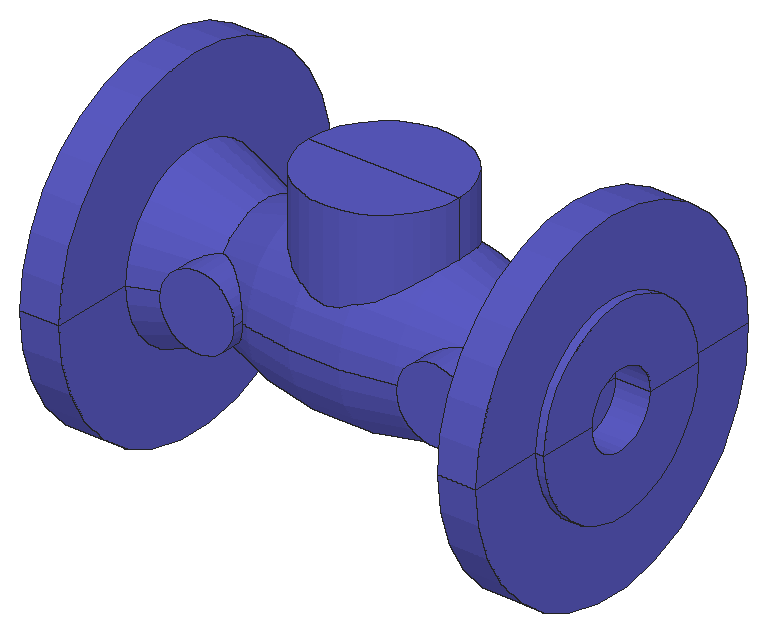
Revit family "HERZ Circuit chutoff valve 4218 AGF", category Rohrzubehör, Revit 2020
Family settings
  Bemaßung runder Anschluss = Durchmesser verwenden
  Teiletyp = Unterbricht
  Arbeitsebenenbasiert = Nein
  Immer vertikal = Ja
  Beim Laden mit Abzugskörper schneiden = Nein
  Gemeinsam genutzt = Nein
Parameters
  w = 10.00°  # constant formula
  Vorgabe-Ansicht = 0.00 mm
  Screw [instance] = if(Nennweite = 15.00 mm, "4x M12x50", if(Nennweite = 20.00 mm, "4x M12x55", if(Nennweite = 25.00 mm, "4x M12x55", if(Nennweite = 32.00 mm, "4x M16x60", if(Nennweite = 40.00 mm, "4x M16x60", if(Nennweite = 50.00 mm, "4x M16x60", if(Nennweite = 65.00 mm, "4x M16x60", if(Nennweite = 80.00 mm, "8x M16x65", if(Nennweite = 100.00 mm, "8x M16x65", if(Nennweite = 125.00 mm, "8x M16x70", if(Nennweite = 150.00 mm, "8x M20x70", if(Nennweite = 200.00 mm, "12x M20x75", if(Nennweite = 250.00 mm, "12x M24x85", if(Nennweite = 300.00 mm, "12x M24x85", if(Nennweite = 350.00 mm, "16x M24x90", "16x M27x100")))))))))))))))  # "4x M12x50"
  Medium = "Heating water quality according ÖNORM H5195 or VDI-Standard 2035. The use of ethylene or propylene glycol in a\nmixing ratio 25- 50% is allowed."
  Max. operating temperature up to DN 32 = 130 °C  # constant formula
  Max. operating temperature from DN 40 = 110 °C  # constant formula
  Max. operating pressure = 1600000.0 Pa  # constant formula
  m2 [instance] = size_lookup("4218_AGF", "m2", 22.00 mm, Nennweite)  # 22.00 mm
  m1 [instance] = 27.59 mm  # constant formula
  d1 [instance] = size_lookup("4218_AGF", "d1", 25.00 mm, Nennweite)  # 25.00 mm
  Valve = "upper part made of brass"  # constant formula
  Valve body = "cast iron GJL 250 according to EN 1561"  # constant formula
  URL = "www.herzvalves.com"
  SCRNSEQ = "ARM;ARM_TYP=\"ABSV\";2"
  SCRNCODE = "05;11;2"  # constant formula
  R05 [instance] = size_lookup("4218_AGF", "R05", 45.00 mm, Nennweite)  # 45.00 mm
  R04 [instance] = size_lookup("4218_AGF", "R04", 25.50 mm, Nennweite)  # 25.50 mm
  R03 [instance] = size_lookup("4218_AGF", "R03", 30.00 mm, Nennweite)  # 30.00 mm
  R02 [instance] = size_lookup("4218_AGF", "R02", 21.15 mm, Nennweite)  # 21.15 mm
  R01 [instance] = size_lookup("4218_AGF", "R01", 29.50 mm, Nennweite)  # 29.50 mm
  O-rings = "EPDM"  # constant formula
  Nennweite [instance] = 15.00 mm
  Lk [instance] = size_lookup("4218_AGF", "Lk", 32.50 mm, Nennweite)  # 32.50 mm
  L05 [instance] = 34.16 mm  # constant formula
  L04 [instance] = size_lookup("4218_AGF", "L04", 40.00 mm, Nennweite)  # 40.00 mm
  L03 [instance] = size_lookup("4218_AGF", "L03", 42.00 mm, Nennweite)  # 42.00 mm
  L02 [instance] = size_lookup("4218_AGF", "L02", 3.00 mm, Nennweite)  # 3.00 mm
  L01 [instance] = size_lookup("4218_AGF", "L01", 13.00 mm, Nennweite)  # 13.00 mm
  L [instance] = size_lookup("4218_AGF", "L", 160.00 mm, Nennweite)  # 160.00 mm
  Hersteller = "HERZ-Armaturen Ges.m.b.H."  # constant formula
  Dfl [instance] = size_lookup("4218_AGF", "Dfl", 57.50 mm, Nennweite)  # 57.50 mm
  DN80 [instance] = Nennweite = 80.00 mm  # no
  DN65-80 [instance] = or(Nennweite = 65.00 mm, Nennweite = 80.00 mm)  # no
  DN65 [instance] = Nennweite = 65.00 mm  # no
  DN50-80 [instance] = or(Nennweite = 50.00 mm, Nennweite = 65.00 mm, Nennweite = 80.00 mm)  # no
  DN50 [instance] = Nennweite = 50.00 mm  # no
  DN40 [instance] = Nennweite = 40.00 mm  # no
  DN32 [instance] = Nennweite = 32.00 mm  # no
  DN32-40 [instance] = or(Nennweite = 32.00 mm, Nennweite = 40.00 mm)  # no
  DN25-40 [instance] = or(Nennweite = 25.00 mm, Nennweite = 32.00 mm, Nennweite = 40.00 mm)  # no
  DN25 [instance] = Nennweite = 25.00 mm  # no
  D [instance] = size_lookup("4218_AGF", "D", 12.50 mm, Nennweite)  # 12.50 mm
  Part number [instance] = size_lookup("4218_AGF", "Artnr", 0, Nennweite)  # 0
  B [instance] = size_lookup("4218_AGF", "B", 58.00 mm, Nennweite)  # 58.00 mm
  Application = "For isolation in heating or cooling installations, risers, heat exchangers, heating and cooling systems."
Reference planes
  plane 1 "Mitte (Vorne/hinten)": y = 0
  plane 2: z = 0
  plane 3 "Mitte (Links/rechts)": x = 0
Forms (mm)
  Revolve 1, solid, material "Herz-Marineblau", detail levels fine
    sketch origin (1065, 0, 0) x (1, 0, 0) y (0, 1, 0)
      loop
        line (-1142, 57.5) -> (-1142, 32.5) -> (-1145, 32.5) -> (-1145, 12.5) -> (-1135, 12.5) -> (-1135, 0) -> (-997, 0) -> (-997, 12.5) -> (-985, 12.5) -> (-985, 32.5) -> (-988, 32.5) -> (-988, 57.5) -> (-1001, 57.5) -> (-1001, 29.5) -> (-1024.25, 21.15)
        arc (-1024.25, 21.15) -> (-1065, 30) -> (-1105.75, 21.15) r 98.242
        line (-1105.75, 21.15) -> (-1129, 29.5) -> (-1129, 57.5) -> (-1142, 57.5)
      axis (-985, 0) -> (-1145, 0)
    angle from 0 to 360
  Extrusion 2, solid, material "Herz-Marineblau", visible <- "DN25", detail levels fine
    sketch origin (0, 0, 0) x (1, 0, 0) y (0, 1, 0)
      loop
        arc (-40.75, -24.228) -> (0.085, -32.958) -> (40.917, -24.217) r 99.801
        line (40.917, -24.217) -> (40.917, 24.217)
        arc (40.917, 24.217) -> (0.085, 32.958) -> (-40.75, 24.228) r 99.801
        line (-40.75, 24.228) -> (-40.75, -24.228)
    from -12.5 to 12.5
  Extrusion 3, solid, material "Herz-Marineblau"
    sketch origin (0, 0, 0) x (1, 0, 0) y (0, 0, 1)
      loop
        circle (-40, 0) r 12.5
      loop
        circle (40, 0) r 12.5
    from -29 to 29
  Revolve 4, solid, visible <- "DN25"
    sketch origin (0, 0, 0) x (1, 0, 0) y (0, 0, 1)
      loop
        line (-42.018, 32) -> (-37.406, 5.845) -> (-26.573, 7.755) -> (-31.185, 33.91) -> (-42.018, 32)
      axis (-42.018, 32) -> (-37.406, 5.845)
    angle from 0 to 360
  Revolve 5, solid, visible <- "DN25"
    sketch origin (0, 0, 0) x (-1, 0, 0) y (0, 0, 1)
      loop
        line (-42.018, 32) -> (-37.406, 5.845) -> (-26.573, 7.755) -> (-31.185, 33.91) -> (-42.018, 32)
      axis (-42.018, 32) -> (-37.406, 5.845)
    angle from 0 to 360
  Revolve 6, solid, visible <- "DN32"
    sketch origin (-6, 0, 0) x (1, 0, 0) y (0, 0, 1)
      loop
        line (-42.018, 32) -> (-37.406, 5.845) -> (-26.573, 7.755) -> (-31.185, 33.91) -> (-42.018, 32)
      axis (-42.018, 32) -> (-37.406, 5.845)
    angle from 0 to 360
  Revolve 7, solid, visible <- "DN32"
    sketch origin (6, 0, 0) x (-1, 0, 0) y (0, 0, 1)
      loop
        line (-42.018, 32) -> (-37.406, 5.845) -> (-26.573, 7.755) -> (-31.185, 33.91) -> (-42.018, 32)
      axis (-42.018, 32) -> (-37.406, 5.845)
    angle from 0 to 360
  Revolve 8, solid, visible <- "DN40"
    sketch origin (-10, 0, 6) x (1, 0, 0) y (0, 0, 1)
      loop
        line (-42.018, 32) -> (-37.406, 5.845) -> (-26.573, 7.755) -> (-31.185, 33.91) -> (-42.018, 32)
      axis (-42.018, 32) -> (-37.406, 5.845)
    angle from 0 to 360
  Revolve 9, solid, visible <- "DN40"
    sketch origin (10, 0, 6) x (-1, 0, 0) y (0, 0, 1)
      loop
        line (-42.018, 32) -> (-37.406, 5.845) -> (-26.573, 7.755) -> (-31.185, 33.91) -> (-42.018, 32)
      axis (-42.018, 32) -> (-37.406, 5.845)
    angle from 0 to 360
  Revolve 10, solid, visible <- "DN50"
    sketch origin (-23, 0, 16) x (1, 0, 0) y (0, 0, 1)
      loop
        line (-42.018, 32) -> (-37.406, 5.845) -> (-26.573, 7.755) -> (-31.185, 33.91) -> (-42.018, 32)
      axis (-42.018, 32) -> (-37.406, 5.845)
    angle from 0 to 360
  Revolve 11, solid, visible <- "DN50"
    sketch origin (23, 0, 16) x (-1, 0, 0) y (0, 0, 1)
      loop
        line (-42.018, 32) -> (-37.406, 5.845) -> (-26.573, 7.755) -> (-31.185, 33.91) -> (-42.018, 32)
      axis (-42.018, 32) -> (-37.406, 5.845)
    angle from 0 to 360
  Revolve 12, solid, visible <- "DN65"
    sketch origin (-35, 0, 28) x (1, 0, 0) y (0, 0, 1)
      loop
        line (-42.018, 32) -> (-34.219, -12.231) -> (-18.954, -9.539) -> (-26.753, 34.692) -> (-42.018, 32)
      axis (-42.018, 32) -> (-34.219, -12.231)
    angle from 0 to 360
  Revolve 13, solid, visible <- "DN65"
    sketch origin (35, 0, 28) x (-1, 0, 0) y (0, 0, 1)
      loop
        line (-42.018, 32) -> (-34.219, -12.231) -> (-18.954, -9.539) -> (-26.753, 34.692) -> (-42.018, 32)
      axis (-42.018, 32) -> (-34.219, -12.231)
    angle from 0 to 360
  Revolve 14, solid, visible <- "DN80"
    sketch origin (-43, 0, 33) x (1, 0, 0) y (0, 0, 1)
      loop
        line (-42.018, 32) -> (-34.219, -12.231) -> (-18.954, -9.539) -> (-26.753, 34.692) -> (-42.018, 32)
      axis (-42.018, 32) -> (-34.219, -12.231)
    angle from 0 to 360
  Revolve 15, solid, visible <- "DN80"
    sketch origin (43, 0, 33) x (-1, 0, 0) y (0, 0, 1)
      loop
        line (-42.018, 32) -> (-34.219, -12.231) -> (-18.954, -9.539) -> (-26.753, 34.692) -> (-42.018, 32)
      axis (-42.018, 32) -> (-34.219, -12.231)
    angle from 0 to 360
  Revolve 16, solid, material "Herz-Marineblau"
    sketch origin (0, 0, 0) x (1, 0, 0) y (0, 0, 1)
      loop
        line (-0.018, 0) -> (25.5, 0) -> (25.5, 45) -> (-0.018, 45) -> (-0.018, 0)
      axis (-0.018, 45) -> (-0.018, 0)
    angle from 0 to 360
  Extrusion 17, solid, material "Herz-Marineblau", visible <- "DN32", detail levels fine
    sketch origin (0, 5, 0) x (1, 0, 0) y (0, 1, 0)
      loop
        arc (-50, -30.504) -> (0, -44.033) -> (50, -30.504) r 99.158
        line (50, -30.504) -> (50, 20.504)
        arc (50, 20.504) -> (0, 34.033) -> (-50, 20.504) r 99.158
        line (-50, 20.504) -> (-50, -30.504)
    from -12.5 to 12.5
  Extrusion 18, solid, material "Herz-Marineblau", visible <- "DN40", detail levels fine
    sketch origin (0, 7.139, 0) x (1, 0, 0) y (0, 1, 0)
      loop
        arc (-58.75, -37.243) -> (-0.086, -48.157) -> (58.607, -37.396) r 164.275
        line (58.607, -37.396) -> (58.607, 23.118)
        arc (58.607, 23.118) -> (-0.086, 33.878) -> (-58.75, 22.964) r 164.275
        line (-58.75, 22.964) -> (-58.75, -37.243)
    from -12.5 to 12.5
  Extrusion 19, solid, material "Herz-Marineblau", visible <- "DN50", detail levels fine
    sketch origin (0, 12.139, 0) x (1, 0, 0) y (0, 1, 0)
      loop
        arc (-70, -51.365) -> (-0.006, -58.136) -> (70, -51.487) r 368.507
        line (70, -51.487) -> (70, 27.208)
        arc (70, 27.208) -> (-0.006, 33.857) -> (-70, 27.086) r 368.507
        line (-70, 27.086) -> (-70, -51.365)
    from -12.5 to 12.5
  Extrusion 20, solid, material "Herz-Marineblau", visible <- "DN65", detail levels fine
    sketch origin (0, 17.139, 0) x (1, 0, 0) y (0, 1, 0)
      loop
        line (-89.879, 31.045) -> (-89.879, -65.324)
        arc (-89.879, -65.324) -> (0.112, -71.41) -> (90.111, -65.45) r 675.309
        line (90.111, -65.45) -> (90.111, 31.171)
        arc (90.111, 31.171) -> (0.112, 37.132) -> (-89.879, 31.045) r 675.309
    from -12.5 to 12.5
  Extrusion 21, solid, material "Herz-Marineblau", visible <- "DN80", detail levels fine
    sketch origin (0, 23.908, 0) x (1, 0, 0) y (0, 1, 0)
      loop
        line (-95.924, 29.668) -> (-95.924, -77.484)
        arc (-95.924, -77.484) -> (1.171, -81.507) -> (98.253, -77.179) r 1130.914
        line (98.253, -77.179) -> (98.253, 29.363)
        arc (98.253, 29.363) -> (1.171, 33.69) -> (-95.924, 29.668) r 1130.914
    from -12.5 to 12.5
  Revolve 22, solid, material "Messing, weicher Gelbton, geschweißt", visible <- "DN25"
    sketch origin (0, 0, 0) x (1, 0, 0) y (0, 0, 1)
      loop
        line (-15.927, 65) -> (-15.927, 50) -> (-24.821, 50) -> (-24.821, 45) -> (-0.018, 45) -> (-0.018, 87.982) -> (-7.018, 87.982) -> (-10.561, 84.439) -> (-10.561, 65) -> (-15.927, 65)
      axis (-0.018, 87.982) -> (-0.018, 45)
    angle from 0 to 360
  Revolve 23, solid, material "Messing, weicher Gelbton, geschweißt", visible <- "DN32-40"
    sketch origin (0, 0, 5) x (1, 0, 0) y (0, 0, 1)
      loop
        line (-15.927, 65) -> (-15.927, 50) -> (-24.821, 50) -> (-24.821, 45) -> (-0.018, 45) -> (-0.018, 82.982) -> (-7.018, 82.982) -> (-10.561, 79.439) -> (-10.561, 65) -> (-15.927, 65)
      axis (-0.018, 82.982) -> (-0.018, 45)
    angle from 0 to 360
  Revolve 24, solid, material "Messing, weicher Gelbton, geschweißt", visible <- "DN50"
    sketch origin (0, 0, 0) x (1, 0, 0) y (0, 0, 1)
      loop
        line (-30.605, 80.5) -> (-30.605, 65.5) -> (-39.5, 65.5) -> (-39.5, 60.5) -> (0, 60.5) -> (0, 103) -> (-17.179, 103) -> (-25.239, 94.939) -> (-25.239, 80.5) -> (-30.605, 80.5)
      axis (0, 103) -> (0, 60.5)
    angle from 0 to 360
  Revolve 25, solid, material "Messing, weicher Gelbton, geschweißt", visible <- "DN65-80"
    sketch origin (0, 0, 7.5) x (1, 0, 0) y (0, 0, 1)
      loop
        line (-30.605, 80.5) -> (-30.605, 65.5) -> (-39.5, 65.5) -> (-39.5, 60.5) -> (0, 60.5) -> (0, 95.5) -> (-17.179, 95.5) -> (-25.239, 87.439) -> (-25.239, 80.5) -> (-30.605, 80.5)
      axis (0, 95.5) -> (0, 60.5)
    angle from 0 to 360
  Extrusion 26, solid, material "Messing, weicher Gelbton, geschweißt", visible <- "DN25"
    sketch origin (0.537, 0, 6.073) x (0.984808, 0, 0.173648) y (0, 1, 0)
      loop
        line (-26.573, 0) -> (-31.989, 9.382) -> (-42.822, 9.382) -> (-48.239, 0) -> (-42.822, -9.382) -> (-31.989, -9.382) -> (-26.573, 0)
    from 32.922 to 35.92
  Extrusion 27, solid, material "Messing, weicher Gelbton, geschweißt", visible <- "DN40"
    sketch origin (-9.463, 0, 12.073) x (0.984808, 0, 0.173648) y (0, 1, 0)
      loop
        line (-26.573, 0) -> (-31.989, 9.382) -> (-42.822, 9.382) -> (-48.239, 0) -> (-42.822, -9.382) -> (-31.989, -9.382) -> (-26.573, 0)
    from 32.922 to 35.92
  Extrusion 28, solid, material "Messing, weicher Gelbton, geschweißt", visible <- "DN50"
    sketch origin (-22.463, 0, 22.073) x (0.984808, 0, 0.173648) y (0, 1, 0)
      loop
        line (-26.573, 0) -> (-31.989, 9.382) -> (-42.822, 9.382) -> (-48.239, 0) -> (-42.822, -9.382) -> (-31.989, -9.382) -> (-26.573, 0)
    from 32.922 to 35.92
  Extrusion 29, solid, material "Messing, weicher Gelbton, geschweißt", visible <- "DN80"
    sketch origin (-40.926, 0, 36.434) x (0.984808, 0, 0.173648) y (0, 1, 0)
      loop
        line (-24.656, 0) -> (-31.558, 11.956) -> (-45.364, 11.956) -> (-52.266, 0) -> (-45.364, -11.956) -> (-31.558, -11.956) -> (-24.656, 0)
    from 35.788 to 38.79
  Extrusion 30, solid, material "Messing, weicher Gelbton, geschweißt", visible <- "DN32"
    sketch origin (-5.463, 0, 6.073) x (0.984808, 0, 0.173648) y (0, 1, 0)
      loop
        line (-26.573, 0) -> (-31.989, 9.382) -> (-42.822, 9.382) -> (-48.239, 0) -> (-42.822, -9.382) -> (-31.989, -9.382) -> (-26.573, 0)
    from 32.922 to 35.92
  Extrusion 31, solid, material "Messing, weicher Gelbton, geschweißt", visible <- "DN25"
    sketch origin (-0.537, 0, 6.073) x (-0.984808, 0, 0.173648) y (0, -1, 0)
      loop
        line (-26.573, 0) -> (-31.989, 9.382) -> (-42.822, 9.382) -> (-48.239, 0) -> (-42.822, -9.382) -> (-31.989, -9.382) -> (-26.573, 0)
    from 32.922 to 35.92
  Extrusion 32, solid, material "Messing, weicher Gelbton, geschweißt", visible <- "DN40"
    sketch origin (9.463, 0, 12.073) x (-0.984808, 0, 0.173648) y (0, -1, 0)
      loop
        line (-26.573, 0) -> (-31.989, 9.382) -> (-42.822, 9.382) -> (-48.239, 0) -> (-42.822, -9.382) -> (-31.989, -9.382) -> (-26.573, 0)
    from 32.922 to 35.92
  Extrusion 33, solid, material "Messing, weicher Gelbton, geschweißt", visible <- "DN50"
    sketch origin (22.463, 0, 22.073) x (-0.984808, 0, 0.173648) y (0, -1, 0)
      loop
        line (-26.573, 0) -> (-31.989, 9.382) -> (-42.822, 9.382) -> (-48.239, 0) -> (-42.822, -9.382) -> (-31.989, -9.382) -> (-26.573, 0)
    from 32.922 to 35.92
  Extrusion 34, solid, material "Messing, weicher Gelbton, geschweißt", visible <- "DN32"
    sketch origin (5.463, 0, 6.073) x (-0.984808, 0, 0.173648) y (0, -1, 0)
      loop
        line (-26.573, 0) -> (-31.989, 9.382) -> (-42.822, 9.382) -> (-48.239, 0) -> (-42.822, -9.382) -> (-31.989, -9.382) -> (-26.573, 0)
    from 32.922 to 35.92
  Extrusion 35, solid, material "Messing, weicher Gelbton, geschweißt", visible <- "DN65"
    sketch origin (-32.926, 0, 31.434) x (0.984808, 0, 0.173648) y (0, 1, 0)
      loop
        line (-24.656, 0) -> (-31.558, 11.956) -> (-45.364, 11.956) -> (-52.266, 0) -> (-45.364, -11.956) -> (-31.558, -11.956) -> (-24.656, 0)
    from 35.788 to 38.79
  Extrusion 36, solid, material "Messing, weicher Gelbton, geschweißt", visible <- "DN80"
    sketch origin (40.926, 0, 36.434) x (-0.984808, 0, 0.173648) y (0, -1, 0)
      loop
        line (-24.656, 0) -> (-31.558, 11.956) -> (-45.364, 11.956) -> (-52.266, 0) -> (-45.364, -11.956) -> (-31.558, -11.956) -> (-24.656, 0)
    from 35.788 to 38.79
  Extrusion 37, solid, material "Messing, weicher Gelbton, geschweißt", visible <- "DN65"
    sketch origin (32.926, 0, 31.434) x (-0.984808, 0, 0.173648) y (0, -1, 0)
      loop
        line (-24.656, 0) -> (-31.558, 11.956) -> (-45.364, 11.956) -> (-52.266, 0) -> (-45.364, -11.956) -> (-31.558, -11.956) -> (-24.656, 0)
    from 35.788 to 38.79
Lines and regions (mm)
  model lines
    curve 1: line (-42.018, 0, 0) -> (-42.018, 0, 32)
    curve 2: line (-0.018, 0, 0) -> (-48.018, 0, 0)
    curve 3: line (-48.018, 0, 0) -> (-48.018, 0, 32)
    curve 4: line (-0.018, 0, 0) -> (-52.018, 0, 0)
    curve 5: line (-52.018, 0, 0) -> (-52.018, 0, 38)
    curve 6: line (-0.018, 0, 0) -> (-65.018, 0, 0)
    curve 7: line (-65.018, 0, 0) -> (-65.018, 0, 48)
    curve 8: line (-0.018, 0, 0) -> (-77.018, 0, 0)
    curve 9: line (-77.018, 0, 0) -> (-77.018, 0, 60)
    curve 10: line (-0.018, 0, 0) -> (-85.018, 0, 0)
    curve 11: line (-100.282, 0, 0) -> (-69.753, 0, 0)
    curve 12: line (-92.474, 0, 0) -> (-61.753, 0, 0)
Dimensions and locks
  "Dfl": plane 1 "Mitte (Vorne/hinten)" to Revolve 1 sketch curve
  "Lk": plane 1 "Mitte (Vorne/hinten)" to Revolve 1 sketch curve
  "D": plane 1 "Mitte (Vorne/hinten)" to Revolve 1 sketch curve
  "L": Revolve 1 sketch curve to Revolve 1 sketch curve
  "L01": Revolve 1 sketch curve to Revolve 1 sketch curve  (x2)
  "L02": Revolve 1 sketch curve to Revolve 1 sketch curve  (x2)
  equal spacing: Revolve 1 sketch curve, plane 3 "Mitte (Links/rechts)", Revolve 1 sketch curve  (x2)
  "L04": plane 3 "Mitte (Links/rechts)" to Extrusion 3 sketch curve
  "L04": Extrusion 3 sketch curve to plane 3 "Mitte (Links/rechts)"
  "B": Extrusion 3 to Extrusion 3
  equal spacing: Extrusion 3, plane 1 "Mitte (Vorne/hinten)", Extrusion 3
  "D": Revolve 1 sketch curve to plane 1 "Mitte (Vorne/hinten)"
  "Lk": Revolve 1 sketch curve to plane 1 "Mitte (Vorne/hinten)"
  "Dfl": Revolve 1 sketch curve to plane 1 "Mitte (Vorne/hinten)"
  "R02": plane 1 "Mitte (Vorne/hinten)" to Revolve 1 sketch curve  (x2)
  "R01": plane 1 "Mitte (Vorne/hinten)" to Revolve 1 sketch curve  (x2)
  "R03": plane 1 "Mitte (Vorne/hinten)" to Revolve 1 sketch curve
  Revolve 4 sketch curve to Revolve 4 sketch curve = 11.00 mm
  Revolve 4 sketch curve to Revolve 4 sketch curve = 26.559 mm
  Revolve 5 sketch curve to Revolve 5 sketch curve = 11.00 mm
  Revolve 5 sketch curve to Revolve 5 sketch curve = 26.559 mm
  Revolve 6 sketch curve to Revolve 6 sketch curve = 11.00 mm
  Revolve 6 sketch curve to Revolve 6 sketch curve = 26.559 mm
  Revolve 7 sketch curve to Revolve 7 sketch curve = 11.00 mm
  Revolve 7 sketch curve to Revolve 7 sketch curve = 26.559 mm
  Revolve 8 sketch curve to Revolve 8 sketch curve = 11.00 mm
  Revolve 8 sketch curve to Revolve 8 sketch curve = 26.559 mm
  Revolve 9 sketch curve to Revolve 9 sketch curve = 11.00 mm
  Revolve 9 sketch curve to Revolve 9 sketch curve = 26.559 mm
  Revolve 10 sketch curve to Revolve 10 sketch curve = 11.00 mm
  Revolve 10 sketch curve to Revolve 10 sketch curve = 26.559 mm
  Revolve 11 sketch curve to Revolve 11 sketch curve = 11.00 mm
  Revolve 11 sketch curve to Revolve 11 sketch curve = 26.559 mm
  Revolve 12 sketch curve to Revolve 12 sketch curve = 15.50 mm
  Revolve 12 sketch curve to Revolve 12 sketch curve = 44.913 mm
  Revolve 13 sketch curve to Revolve 13 sketch curve = 15.50 mm
  Revolve 13 sketch curve to Revolve 13 sketch curve = 44.913 mm
  Revolve 14 sketch curve to Revolve 14 sketch curve = 15.50 mm
  Revolve 14 sketch curve to Revolve 14 sketch curve = 44.913 mm
  Revolve 15 sketch curve to Revolve 15 sketch curve = 15.50 mm
  Revolve 15 sketch curve to Revolve 15 sketch curve = 44.913 mm
  "R05": Revolve 16 sketch curve to plane 2
  "R04": plane 3 "Mitte (Links/rechts)" to Revolve 16 sketch curve
  nested 5 to plane 2 = 88.00 mm
  nested 7 to plane 2 = 103.00 mm
  "d1": diameter of Extrusion 3 sketch curve  (x2)
  aligned and locked: level to plane 2
Automatic sketch dimensions
  curve 10 to level = 0.00 mm
  curve 8 to level = 0.00 mm
  curve 5 to level = 0.00 mm
  curve 10 to plane 3 "Mitte (Links/rechts)" = 85.018 mm
  curve 10 to curve 8 = 8.00 mm
  curve 8 to curve 7 = 12.00 mm
  curve 6 to curve 5 = 13.00 mm
  curve 4 to curve 2 = 4.00 mm
  curve 4 to plane 3 "Mitte (Links/rechts)" = 0.018 mm
  curve 6 to curve 2 = 0.00 mm
  curve 3 to curve 1 = 6.00 mm
  curve 10 to curve 2 = 0.00 mm
  level to curve 3 = 32.00 mm
  curve 1 to curve 3 = 0.00 mm
  curve 3 to curve 5 = 6.00 mm
  curve 5 to curve 7 = 10.00 mm
  curve 7 to curve 9 = 12.00 mm
  plane 1 "Mitte (Vorne/hinten)" to curve 11 = 0.00 mm
  plane 1 "Mitte (Vorne/hinten)" to curve 12 = 0.00 mm
  curve 11 to plane 3 "Mitte (Links/rechts)" = 100.282 mm
  curve 11 to curve 12 = 7.808 mm
  curve 12 to curve 11 = 22.721 mm
  curve 11 to curve 12 = 8.00 mm
  Extrusion 2 sketch curve to plane 3 "Mitte (Links/rechts)" = 40.75 mm
  plane 3 "Mitte (Links/rechts)" to Extrusion 2 sketch curve = 0.071 mm  (x2)
  plane 1 "Mitte (Vorne/hinten)" to Extrusion 2 sketch curve = 24.217 mm
  plane 3 "Mitte (Links/rechts)" to Extrusion 2 sketch curve = 40.917 mm
  plane 1 "Mitte (Vorne/hinten)" to Extrusion 2 sketch curve = 24.228 mm
  Extrusion 2 sketch curve to Extrusion 2 sketch curve = 42.614 mm
  Extrusion 2 sketch curve to plane 1 "Mitte (Vorne/hinten)" = 24.217 mm
  Revolve 4 sketch curve to plane 3 "Mitte (Links/rechts)" = 42.018 mm
  level to Revolve 4 sketch curve = 5.845 mm  (x2)
  Revolve 4 sketch curve to Revolve 4 sketch curve = 4.612 mm
  Revolve 4 sketch curve to Revolve 4 sketch curve = 10.833 mm
  level to Revolve 4 sketch curve = 32.00 mm
  Revolve 5 sketch curve to plane 3 "Mitte (Links/rechts)" = 42.018 mm
  Revolve 5 sketch curve to level = 5.845 mm  (x2)
  Revolve 5 sketch curve to Revolve 5 sketch curve = 4.612 mm
  Revolve 5 sketch curve to Revolve 5 sketch curve = 10.833 mm
  Revolve 5 sketch curve to level = 32.00 mm
  Revolve 6 sketch curve to plane 3 "Mitte (Links/rechts)" = 48.018 mm
  level to Revolve 6 sketch curve = 5.845 mm  (x2)
  Revolve 6 sketch curve to Revolve 6 sketch curve = 4.612 mm
  level to Revolve 6 sketch curve = 33.91 mm
  level to Revolve 6 sketch curve = 32.00 mm
  Revolve 7 sketch curve to plane 3 "Mitte (Links/rechts)" = 48.018 mm
  Revolve 7 sketch curve to level = 5.845 mm  (x2)
  Revolve 7 sketch curve to Revolve 7 sketch curve = 4.612 mm
  Revolve 7 sketch curve to level = 33.91 mm
  Revolve 7 sketch curve to level = 32.00 mm
  Revolve 8 sketch curve to plane 3 "Mitte (Links/rechts)" = 52.018 mm
  level to Revolve 8 sketch curve = 11.845 mm  (x2)
  Revolve 8 sketch curve to Revolve 8 sketch curve = 4.612 mm
  level to Revolve 8 sketch curve = 39.91 mm
  level to Revolve 8 sketch curve = 38.00 mm
  Revolve 9 sketch curve to plane 3 "Mitte (Links/rechts)" = 52.018 mm
  Revolve 9 sketch curve to level = 11.845 mm  (x2)
  Revolve 9 sketch curve to Revolve 9 sketch curve = 4.612 mm
  Revolve 9 sketch curve to level = 39.91 mm
  Revolve 9 sketch curve to level = 38.00 mm
  Revolve 10 sketch curve to plane 3 "Mitte (Links/rechts)" = 65.018 mm
  level to Revolve 10 sketch curve = 21.845 mm  (x2)
  Revolve 10 sketch curve to Revolve 10 sketch curve = 4.612 mm
  level to Revolve 10 sketch curve = 49.91 mm
  level to Revolve 10 sketch curve = 48.00 mm
  Revolve 11 sketch curve to plane 3 "Mitte (Links/rechts)" = 65.018 mm
  Revolve 11 sketch curve to level = 21.845 mm  (x2)
  Revolve 11 sketch curve to Revolve 11 sketch curve = 4.612 mm
  Revolve 11 sketch curve to level = 49.91 mm
  Revolve 11 sketch curve to level = 48.00 mm
  Revolve 12 sketch curve to plane 3 "Mitte (Links/rechts)" = 77.018 mm
  level to Revolve 12 sketch curve = 15.769 mm
  Revolve 12 sketch curve to Revolve 12 sketch curve = 7.799 mm
  Revolve 12 sketch curve to Revolve 12 sketch curve = 15.265 mm
  level to Revolve 12 sketch curve = 60.00 mm
  level to Revolve 12 sketch curve = 33.845 mm
  Revolve 13 sketch curve to plane 3 "Mitte (Links/rechts)" = 77.018 mm
  Revolve 13 sketch curve to level = 15.769 mm
  Revolve 13 sketch curve to Revolve 13 sketch curve = 7.799 mm
  Revolve 13 sketch curve to Revolve 13 sketch curve = 15.265 mm
  Revolve 13 sketch curve to level = 60.00 mm
  Revolve 13 sketch curve to level = 33.845 mm
  Revolve 14 sketch curve to plane 3 "Mitte (Links/rechts)" = 85.018 mm
  level to Revolve 14 sketch curve = 20.769 mm
  Revolve 14 sketch curve to Revolve 14 sketch curve = 7.799 mm
  level to Revolve 14 sketch curve = 67.692 mm
  level to Revolve 14 sketch curve = 65.00 mm
  level to Revolve 14 sketch curve = 38.845 mm
  Revolve 15 sketch curve to plane 3 "Mitte (Links/rechts)" = 85.018 mm
  Revolve 15 sketch curve to level = 20.769 mm
  Revolve 15 sketch curve to Revolve 15 sketch curve = 7.799 mm
  Revolve 15 sketch curve to level = 67.692 mm
  Revolve 15 sketch curve to level = 65.00 mm
  Revolve 15 sketch curve to level = 38.845 mm
  Extrusion 17 sketch curve to plane 3 "Mitte (Links/rechts)" = 0.00 mm  (x2)
  Extrusion 17 sketch curve to plane 1 "Mitte (Vorne/hinten)" = 25.504 mm
  Extrusion 17 sketch curve to plane 3 "Mitte (Links/rechts)" = 50.00 mm
  plane 1 "Mitte (Vorne/hinten)" to Extrusion 17 sketch curve = 25.504 mm
  plane 3 "Mitte (Links/rechts)" to Extrusion 17 sketch curve = 50.00 mm
  plane 1 "Mitte (Vorne/hinten)" to Extrusion 17 sketch curve = 60.125 mm
  Extrusion 17 sketch curve to plane 1 "Mitte (Vorne/hinten)" = 60.125 mm
  Extrusion 18 sketch curve to plane 3 "Mitte (Links/rechts)" = 58.75 mm
  plane 3 "Mitte (Links/rechts)" to Extrusion 18 sketch curve = 0.129 mm  (x2)
  plane 1 "Mitte (Vorne/hinten)" to Extrusion 18 sketch curve = 30.257 mm
  plane 3 "Mitte (Links/rechts)" to Extrusion 18 sketch curve = 58.607 mm
  Extrusion 18 sketch curve to Extrusion 18 sketch curve = 93.00 mm
  plane 1 "Mitte (Vorne/hinten)" to Extrusion 18 sketch curve = 30.103 mm
  Extrusion 18 sketch curve to plane 1 "Mitte (Vorne/hinten)" = 30.103 mm
  Extrusion 19 sketch curve to plane 3 "Mitte (Links/rechts)" = 70.00 mm
  plane 3 "Mitte (Links/rechts)" to Extrusion 19 sketch curve = 0.315 mm  (x2)
  plane 1 "Mitte (Vorne/hinten)" to Extrusion 19 sketch curve = 39.348 mm
  plane 3 "Mitte (Links/rechts)" to Extrusion 19 sketch curve = 70.00 mm
  Extrusion 19 sketch curve to Extrusion 19 sketch curve = 283.163 mm
  plane 1 "Mitte (Vorne/hinten)" to Extrusion 19 sketch curve = 39.226 mm
  Extrusion 19 sketch curve to plane 1 "Mitte (Vorne/hinten)" = 39.226 mm
  Extrusion 20 sketch curve to plane 3 "Mitte (Links/rechts)" = 89.879 mm
  plane 3 "Mitte (Links/rechts)" to Extrusion 20 sketch curve = 0.585 mm  (x2)
  plane 3 "Mitte (Links/rechts)" to Extrusion 20 sketch curve = 90.111 mm
  plane 1 "Mitte (Vorne/hinten)" to Extrusion 20 sketch curve = 621.038 mm
  plane 1 "Mitte (Vorne/hinten)" to Extrusion 20 sketch curve = 48.311 mm
  plane 1 "Mitte (Vorne/hinten)" to Extrusion 20 sketch curve = 48.185 mm
  Extrusion 20 sketch curve to plane 1 "Mitte (Vorne/hinten)" = 48.185 mm
  Extrusion 21 sketch curve to plane 3 "Mitte (Links/rechts)" = 95.924 mm
  Extrusion 21 sketch curve to plane 3 "Mitte (Links/rechts)" = 0.606 mm  (x2)
  plane 1 "Mitte (Vorne/hinten)" to Extrusion 21 sketch curve = 53.271 mm
  plane 3 "Mitte (Links/rechts)" to Extrusion 21 sketch curve = 98.253 mm
  plane 1 "Mitte (Vorne/hinten)" to Extrusion 21 sketch curve = 53.576 mm
  Extrusion 21 sketch curve to Extrusion 21 sketch curve = 1019.737 mm
  Extrusion 21 sketch curve to plane 1 "Mitte (Vorne/hinten)" = 53.271 mm
  Revolve 22 sketch curve to plane 3 "Mitte (Links/rechts)" = 24.821 mm
  Revolve 22 sketch curve to Revolve 22 sketch curve = 8.895 mm
  Revolve 22 sketch curve to Revolve 22 sketch curve = 5.366 mm
  Revolve 22 sketch curve to Revolve 22 sketch curve = 3.543 mm  (x2)
  Revolve 22 sketch curve to plane 3 "Mitte (Links/rechts)" = 0.018 mm
  level to Revolve 22 sketch curve = 45.00 mm
  Revolve 22 sketch curve to Revolve 22 sketch curve = 5.00 mm
  Revolve 22 sketch curve to Revolve 22 sketch curve = 15.00 mm
  Revolve 22 sketch curve to Revolve 22 sketch curve = 19.439 mm
  Revolve 22 sketch curve to Revolve 22 sketch curve = 0.00 mm  (x3)
  Revolve 23 sketch curve to plane 3 "Mitte (Links/rechts)" = 24.821 mm
  Revolve 23 sketch curve to Revolve 23 sketch curve = 8.895 mm
  Revolve 23 sketch curve to Revolve 23 sketch curve = 5.366 mm
  Revolve 23 sketch curve to Revolve 23 sketch curve = 3.543 mm  (x2)
  Revolve 23 sketch curve to plane 3 "Mitte (Links/rechts)" = 0.018 mm
  level to Revolve 23 sketch curve = 50.00 mm
  Revolve 23 sketch curve to Revolve 23 sketch curve = 5.00 mm  (x2)
  Revolve 23 sketch curve to Revolve 23 sketch curve = 15.00 mm
  Revolve 23 sketch curve to Revolve 23 sketch curve = 14.439 mm
  Revolve 23 sketch curve to Revolve 23 sketch curve = 0.00 mm  (x2)
  Revolve 24 sketch curve to plane 3 "Mitte (Links/rechts)" = 0.00 mm  (x2)
  Revolve 24 sketch curve to plane 3 "Mitte (Links/rechts)" = 17.179 mm
  Revolve 24 sketch curve to Revolve 24 sketch curve = 8.061 mm  (x2)
  Revolve 24 sketch curve to Revolve 24 sketch curve = 5.366 mm
  Revolve 24 sketch curve to Revolve 24 sketch curve = 8.895 mm
  level to Revolve 24 sketch curve = 60.50 mm
  Revolve 24 sketch curve to Revolve 24 sketch curve = 5.00 mm
  Revolve 24 sketch curve to Revolve 24 sketch curve = 15.00 mm
  Revolve 24 sketch curve to Revolve 24 sketch curve = 14.439 mm
  Revolve 24 sketch curve to Revolve 24 sketch curve = 0.00 mm  (x2)
  Revolve 25 sketch curve to plane 3 "Mitte (Links/rechts)" = 0.00 mm  (x2)
  Revolve 25 sketch curve to plane 3 "Mitte (Links/rechts)" = 17.179 mm
  Revolve 25 sketch curve to Revolve 25 sketch curve = 8.061 mm  (x2)
  Revolve 25 sketch curve to Revolve 25 sketch curve = 5.366 mm
  Revolve 25 sketch curve to Revolve 25 sketch curve = 8.895 mm
  level to Revolve 25 sketch curve = 68.00 mm
  Revolve 25 sketch curve to Revolve 25 sketch curve = 5.00 mm
  Revolve 25 sketch curve to Revolve 25 sketch curve = 15.00 mm
  Revolve 25 sketch curve to Revolve 25 sketch curve = 6.939 mm
  Revolve 25 sketch curve to Revolve 25 sketch curve = 0.00 mm
  Revolve 25 sketch curve to Revolve 25 sketch curve = 7.50 mm
  plane 1 "Mitte (Vorne/hinten)" to Extrusion 26 sketch curve = 0.00 mm  (x2)
  Extrusion 26 sketch curve to Extrusion 26 sketch curve = 5.416 mm  (x3)
  plane 1 "Mitte (Vorne/hinten)" to Extrusion 26 sketch curve = 9.382 mm
  Extrusion 26 sketch curve to Extrusion 26 sketch curve = 10.833 mm  (x2)
  Extrusion 26 sketch curve to plane 1 "Mitte (Vorne/hinten)" = 9.382 mm
  plane 1 "Mitte (Vorne/hinten)" to Extrusion 27 sketch curve = 0.00 mm  (x2)
  Extrusion 27 sketch curve to Extrusion 27 sketch curve = 5.416 mm  (x3)
  plane 1 "Mitte (Vorne/hinten)" to Extrusion 27 sketch curve = 9.382 mm
  Extrusion 27 sketch curve to Extrusion 27 sketch curve = 10.833 mm  (x2)
  Extrusion 27 sketch curve to plane 1 "Mitte (Vorne/hinten)" = 9.382 mm
  plane 1 "Mitte (Vorne/hinten)" to Extrusion 28 sketch curve = 0.00 mm  (x2)
  Extrusion 28 sketch curve to Extrusion 28 sketch curve = 5.416 mm  (x3)
  plane 1 "Mitte (Vorne/hinten)" to Extrusion 28 sketch curve = 9.382 mm
  Extrusion 28 sketch curve to Extrusion 28 sketch curve = 10.833 mm  (x2)
  Extrusion 28 sketch curve to plane 1 "Mitte (Vorne/hinten)" = 9.382 mm
  plane 1 "Mitte (Vorne/hinten)" to Extrusion 29 sketch curve = 0.00 mm  (x2)
  Extrusion 29 sketch curve to Extrusion 29 sketch curve = 6.903 mm  (x3)
  plane 1 "Mitte (Vorne/hinten)" to Extrusion 29 sketch curve = 11.956 mm
  Extrusion 29 sketch curve to Extrusion 29 sketch curve = 13.805 mm  (x2)
  Extrusion 29 sketch curve to plane 1 "Mitte (Vorne/hinten)" = 11.956 mm
  plane 1 "Mitte (Vorne/hinten)" to Extrusion 30 sketch curve = 0.00 mm  (x2)
  Extrusion 30 sketch curve to Extrusion 30 sketch curve = 5.416 mm  (x3)
  plane 1 "Mitte (Vorne/hinten)" to Extrusion 30 sketch curve = 9.382 mm
  Extrusion 30 sketch curve to Extrusion 30 sketch curve = 10.833 mm  (x2)
  Extrusion 30 sketch curve to plane 1 "Mitte (Vorne/hinten)" = 9.382 mm
  plane 1 "Mitte (Vorne/hinten)" to Extrusion 31 sketch curve = 0.00 mm  (x2)
  Extrusion 31 sketch curve to Extrusion 31 sketch curve = 5.416 mm  (x3)
  plane 1 "Mitte (Vorne/hinten)" to Extrusion 31 sketch curve = 9.382 mm
  Extrusion 31 sketch curve to Extrusion 31 sketch curve = 10.833 mm  (x2)
  Extrusion 31 sketch curve to plane 1 "Mitte (Vorne/hinten)" = 9.382 mm
  plane 1 "Mitte (Vorne/hinten)" to Extrusion 32 sketch curve = 0.00 mm  (x2)
  Extrusion 32 sketch curve to Extrusion 32 sketch curve = 5.416 mm  (x3)
  plane 1 "Mitte (Vorne/hinten)" to Extrusion 32 sketch curve = 9.382 mm
  Extrusion 32 sketch curve to Extrusion 32 sketch curve = 10.833 mm  (x2)
  Extrusion 32 sketch curve to plane 1 "Mitte (Vorne/hinten)" = 9.382 mm
  plane 1 "Mitte (Vorne/hinten)" to Extrusion 33 sketch curve = 0.00 mm  (x2)
  Extrusion 33 sketch curve to Extrusion 33 sketch curve = 5.416 mm  (x3)
  plane 1 "Mitte (Vorne/hinten)" to Extrusion 33 sketch curve = 9.382 mm
  Extrusion 33 sketch curve to Extrusion 33 sketch curve = 10.833 mm  (x2)
  Extrusion 33 sketch curve to plane 1 "Mitte (Vorne/hinten)" = 9.382 mm
  plane 1 "Mitte (Vorne/hinten)" to Extrusion 34 sketch curve = 0.00 mm  (x2)
  Extrusion 34 sketch curve to Extrusion 34 sketch curve = 5.416 mm  (x3)
  plane 1 "Mitte (Vorne/hinten)" to Extrusion 34 sketch curve = 9.382 mm
  Extrusion 34 sketch curve to Extrusion 34 sketch curve = 10.833 mm  (x2)
  Extrusion 34 sketch curve to plane 1 "Mitte (Vorne/hinten)" = 9.382 mm
  plane 1 "Mitte (Vorne/hinten)" to Extrusion 35 sketch curve = 0.00 mm  (x2)
  Extrusion 35 sketch curve to Extrusion 35 sketch curve = 6.903 mm  (x3)
  plane 1 "Mitte (Vorne/hinten)" to Extrusion 35 sketch curve = 11.956 mm
  Extrusion 35 sketch curve to Extrusion 35 sketch curve = 13.805 mm  (x2)
  Extrusion 35 sketch curve to plane 1 "Mitte (Vorne/hinten)" = 11.956 mm
  plane 1 "Mitte (Vorne/hinten)" to Extrusion 36 sketch curve = 0.00 mm  (x2)
  Extrusion 36 sketch curve to Extrusion 36 sketch curve = 6.903 mm  (x3)
  plane 1 "Mitte (Vorne/hinten)" to Extrusion 36 sketch curve = 11.956 mm
  Extrusion 36 sketch curve to Extrusion 36 sketch curve = 13.805 mm  (x2)
  Extrusion 36 sketch curve to plane 1 "Mitte (Vorne/hinten)" = 11.956 mm
  plane 1 "Mitte (Vorne/hinten)" to Extrusion 37 sketch curve = 0.00 mm  (x2)
  Extrusion 37 sketch curve to Extrusion 37 sketch curve = 6.903 mm  (x3)
  plane 1 "Mitte (Vorne/hinten)" to Extrusion 37 sketch curve = 11.956 mm
  Extrusion 37 sketch curve to Extrusion 37 sketch curve = 13.805 mm  (x2)
  Extrusion 37 sketch curve to plane 1 "Mitte (Vorne/hinten)" = 11.956 mm
  Revolve 1 sketch curve to plane 1 "Mitte (Vorne/hinten)" = 0.00 mm
  plane 1 "Mitte (Vorne/hinten)" to Revolve 1 sketch curve = 0.00 mm
  Revolve 1 sketch curve to Revolve 1 sketch curve = 10.00 mm
  Revolve 1 sketch curve to Revolve 1 sketch curve = 23.25 mm
  Revolve 1 sketch curve to Revolve 1 sketch curve = 12.00 mm
  Revolve 1 sketch curve to Revolve 1 sketch curve = 1920.00 mm  (x2)
  Extrusion 3 sketch curve to level = 0.00 mm  (x2)
  Revolve 16 sketch curve to level = 0.00 mm  (x2)
  Revolve 16 sketch curve to plane 3 "Mitte (Links/rechts)" = 0.018 mm
  Revolve 16 sketch curve to Revolve 16 sketch curve = 0.00 mm  (x2)
Nested families
  nested 1: "Herz-Logo-vorne" at (-0.018, -32.861, 0) x (0, 1, 0) z (0, 0, 1), visible <- "DN25", type "Herz-Logo-vorne", detail levels fine
  nested 2: "Herz-Logo-vorne" at (-0.018, -38.932, 0) x (0, 1, 0) z (0, 0, 1), visible <- "DN32", type "Herz-Logo-vorne", detail levels fine
  nested 3: "Herz-Logo-vorne" at (-0.018, -40.835, 0) x (0, 1, 0) z (0, 0, 1), visible <- "DN40", type "Herz-Logo-vorne", detail levels fine
  nested 4: "Herz-Logo-vorne" at (-0.018, -57.6, 0) x (0, 1, 0) z (0, 0, 1), visible <- "DN80", type "Herz-Logo-vorne", detail levels fine
  nested 5: "Strömax-Handrad" at (0, 0, 88), visible <- "DN25-40", type "Strömax-Handrad"
    with Nennweite 0.00 mm, Gewicht 0.00 kg, Bestellnummer 0
  nested 6: "Herz-Logo" at (0, 9.517, 109.445), visible <- "DN25-40", type "Herz-Logo"
  nested 7: "Strömax-Handrad-DN50-80" at (0, 0, 103), visible <- "DN50-80", type "Strömax-Handrad-DN50-80"
    with Nennweite 0.00 mm, Gewicht 0.00 kg, Bestellnummer 0
  nested 8: "Herz-Logo-vorne" at (0, -46.065, 0) x (0, 1, 0) z (0, 0, 1), visible <- "DN50", type "Herz-Logo-vorne", detail levels fine
  nested 9: "Herz-Logo-vorne" at (-0.018, -54.253, 0) x (0, 1, 0) z (0, 0, 1), visible <- "DN65", type "Herz-Logo-vorne", detail levels fine
Connectors
  piping at (-80, 0, 0), diameter 15, driven by "Nennweite"
    settings: on Revolve 1, index 1, connector inside diameter 609.6 mm, connector length 0.00 mm, flow factor 0, pipe flow 0.0 L/s, pressure drop 0.0 Pa, fitting loss kfactor 0, connector angle 0.00°, fixture units 0, engagement length 0.00 mm, angle of deflection 0.00°, flow configuration 0, flow direction 1, fitting loss method 0, system type 29, joint type 0, gender type 0, connector reference index -1, connector utility 0, adjustable connector no, is connector primary yes, connector description ""
  piping at (80, 0, 0), diameter 15, driven by "Nennweite"
    settings: on Revolve 1, index 2, connector inside diameter 609.6 mm, connector length 0.00 mm, flow factor 0, pipe flow 0.0 L/s, pressure drop 0.0 Pa, fitting loss kfactor 0, connector angle 0.00°, fixture units 0, engagement length 0.00 mm, angle of deflection 0.00°, flow configuration 0, flow direction 2, fitting loss method 0, system type 29, joint type 0, gender type 0, connector reference index -1, connector utility 0, adjustable connector no, is connector primary no, connector description ""
Definition of nested family "Herz-Logo-vorne"
  Parameters (values of type "Herz-Logo-vorne")
    Default Elevation = 0.00 mm
  Reference planes
    plane 1 "Mitte (Vorne/hinten)": y = 0
    plane 2: z = 0
    plane 3 "Mitte (Links/rechts)": x = 0
  Forms (mm)
    Extrusion 1, solid
      sketch origin (0.732, -0.018, 0.017) x (0, -1, 0) y (0, 0, 1)
        loop
          line (-0.018, -4.517) -> (4.482, -4.517) -> (4.482, 4.483) -> (-4.518, 4.483) -> (-4.518, -4.517) -> (-0.018, -4.517)
        loop
          line (-0.05, -3.48) -> (3.482, -3.48) -> (3.482, 3.483) -> (-3.518, 3.483) -> (-3.518, -3.48) -> (-0.05, -3.48)
        loop
          arc (-0.018, 2.383) -> (-1.543, 3.287) -> (-3.067, 2.383) r 1.738
          arc (-3.067, 2.383) -> (-3.191, 1.899) -> (-3.067, 1.415) r 1.009
          line (-3.067, 1.415) -> (-0.018, -3.281) -> (3.032, 1.415)
          arc (3.032, 1.415) -> (3.156, 1.899) -> (3.032, 2.383) r 1.009
          arc (3.032, 2.383) -> (1.507, 3.287) -> (-0.018, 2.383) r 1.738
        loop
          arc (1.885, 1.272) -> (2.005, 1.675) -> (1.885, 2.079) r 0.74
          arc (1.885, 2.079) -> (1.265, 2.416) -> (0.644, 2.079) r 0.74
          line (0.644, 2.079) -> (-0.018, 0.97) -> (-0.679, 2.079)
          arc (-0.679, 2.079) -> (-1.3, 2.416) -> (-1.921, 2.079) r 0.74
          arc (-1.921, 2.079) -> (-2.04, 1.675) -> (-1.921, 1.272) r 0.74
          line (-1.921, 1.272) -> (-0.018, -1.658) -> (1.885, 1.272)
      from 0 to 1.5
  Dimensions and locks
    aligned and locked: level to plane 2
Definition of nested family "Strömax-Handrad"
  Parameters (values of type "Strömax-Handrad")
    Default Elevation = 0.00 mm
    URL = "www.herz-armaturen.at"
    Nennweite [instance] = 0.00 mm
    Manufacturer = "Herz Armaturen GmbH"  # constant formula
    Gewicht [instance] = 0.00 kg
    Bestellnummer [instance] = 0
  Reference planes
    plane 1 "Mitte (Vorne/hinten)": y = 0
    plane 2: z = 0
    plane 3 "Mitte (Links/rechts)": x = 0
  Forms (mm)
    Revolve 1, solid
      sketch origin (0, 0, 0) x (1, 0, 0) y (0, 0, 1)
        loop
          line (0, 0) -> (0, 22)
          arc (0, 22) -> (-12.15, 21.705) -> (-24.271, 20.819) r 250
          arc (-24.271, 20.819) -> (-26.831, 19.959) -> (-28.754, 18.063) r 6
          arc (-28.754, 18.063) -> (-29.682, 16.008) -> (-30, 13.776) r 8
          line (-30, 13.776) -> (-30, 0) -> (0, 0)
        axis (0, 22) -> (0, 0)
      angle from 0 to 360
    Extrusion 2, void
      sketch origin (0, 0, 0) x (1, 0, 0) y (0, 1, 0)
        loop
          circle (14.351, -34.645) r 10
      from 0 to 22
    Extrusion 3, void
      sketch origin (0, 0, 0) x (-1, 0, 0) y (0, -1, 0)
        loop
          circle (14.351, 34.645) r 10
      from 0 to 22
    Extrusion 4, void
      sketch origin (0, 0, 0) x (0, -1, 0) y (1, 0, 0)
        loop
          circle (14.351, 34.645) r 10
      from 0 to 22
    Extrusion 5, void
      sketch origin (0, 0, 0) x (0, 1, 0) y (-1, 0, 0)
        loop
          circle (14.351, -34.645) r 10
      from 0 to 22
    Extrusion 6, void
      sketch origin (0, 0, 0) x (0, -1, 0) y (1, 0, 0)
        loop
          circle (14.351, -34.645) r 10
      from 0 to 22
    Extrusion 7, void
      sketch origin (0, 0, 0) x (0, 1, 0) y (-1, 0, 0)
        loop
          circle (14.351, 34.645) r 10
      from 0 to 22
    Extrusion 8, void
      sketch origin (0, 0, 0) x (1, 0, 0) y (0, 1, 0)
        loop
          circle (14.351, 34.645) r 10
      from 0 to 22
    Extrusion 9, void
      sketch origin (0, 0, 0) x (-1, 0, 0) y (0, -1, 0)
        loop
          circle (14.351, -34.645) r 10
      from 0 to 22
  Cuts and joins
    Extrusion 2, Extrusion 3, Extrusion 4, Extrusion 5, Extrusion 6, Extrusion 7, Extrusion 8, Extrusion 9 cuts Revolve 1
  Dimensions and locks
    aligned and locked: level to plane 2
Definition of nested family "Herz-Logo"
  Parameters (values of type "Herz-Logo")
    Default Elevation = 0.00 mm
  Reference planes
    plane 1 "Mitte (Vorne/hinten)": y = 0
    plane 2: z = 0
    plane 3 "Mitte (Links/rechts)": x = 0
  Forms (mm)
    Extrusion 1, solid
      sketch origin (0, 0, 0) x (1, 0, 0) y (0, 1, 0)
        loop
          line (-0.018, -4.517) -> (4.482, -4.517) -> (4.482, 4.483) -> (-4.518, 4.483) -> (-4.518, -4.517) -> (-0.018, -4.517)
        loop
          line (-0.05, -3.48) -> (3.482, -3.48) -> (3.482, 3.483) -> (-3.518, 3.483) -> (-3.518, -3.48) -> (-0.05, -3.48)
        loop
          arc (-0.018, 2.383) -> (-1.543, 3.287) -> (-3.067, 2.383) r 1.738
          arc (-3.067, 2.383) -> (-3.191, 1.899) -> (-3.067, 1.415) r 1.009
          line (-3.067, 1.415) -> (-0.018, -3.281) -> (3.032, 1.415)
          arc (3.032, 1.415) -> (3.156, 1.899) -> (3.032, 2.383) r 1.009
          arc (3.032, 2.383) -> (1.507, 3.287) -> (-0.018, 2.383) r 1.738
        loop
          arc (1.885, 1.272) -> (2.005, 1.675) -> (1.885, 2.079) r 0.74
          arc (1.885, 2.079) -> (1.265, 2.416) -> (0.644, 2.079) r 0.74
          line (0.644, 2.079) -> (-0.018, 0.97) -> (-0.679, 2.079)
          arc (-0.679, 2.079) -> (-1.3, 2.416) -> (-1.921, 2.079) r 0.74
          arc (-1.921, 2.079) -> (-2.04, 1.675) -> (-1.921, 1.272) r 0.74
          line (-1.921, 1.272) -> (-0.018, -1.658) -> (1.885, 1.272)
      from 0 to 1.5
  Dimensions and locks
    aligned and locked: level to plane 2
Definition of nested family "Strömax-Handrad-DN50-80"
  Parameters (values of type "Strömax-Handrad-DN50-80")
    Default Elevation = 0.00 mm
    URL = "www.herz-armaturen.at"
    Nennweite [instance] = 0.00 mm
    Manufacturer = "Herz Armaturen GmbH"  # constant formula
    Gewicht [instance] = 0.00 kg
    Bestellnummer [instance] = 0
  Reference planes
    plane 1 "Mitte (Vorne/hinten)": y = 0
    plane 2: z = 0
    plane 3 "Mitte (Links/rechts)": x = 0
  Forms (mm)
    Revolve 1, solid
      sketch origin (0, 0, 0) x (1, 0, 0) y (0, 0, 1)
        loop
          line (0, 0) -> (0, 32.383)
          arc (0, 32.383) -> (-20.405, 32.601) -> (-40.773, 31.352) r 283.606
          arc (-40.773, 31.352) -> (-43.333, 30.492) -> (-45.256, 28.596) r 6
          arc (-45.256, 28.596) -> (-46.184, 26.541) -> (-46.502, 24.309) r 8
          line (-46.502, 24.309) -> (-46.502, 0) -> (0, 0)
        axis (0, 32.383) -> (0, 0)
      angle from 0 to 360
    Extrusion 2, void
      sketch origin (51.706, 59.498, 0) x (-1, 0, 0) y (0, -1, 0)
        loop
          circle (51.706, -35.004) r 50
      from -9.671 to 45.066
    Extrusion 3, void
      sketch origin (56.923, -32.899, 0) x (1, 0, 0) y (0, 1, 0)
        loop
          circle (18.073, 90.208) r 50
      from -9.671 to 45.066
    Extrusion 4, void
      sketch origin (51.706, -59.498, 0) x (-1, 0, 0) y (0, -1, 0)
        loop
          circle (51.706, 35.004) r 50
      from -9.671 to 45.066
    Extrusion 5, void
      sketch origin (56.923, 32.899, 0) x (1, 0, 0) y (0, 1, 0)
        loop
          circle (18.073, -90.208) r 50
      from -9.671 to 45.066
    Extrusion 6, void
      sketch origin (-56.923, 32.899, 0) x (-1, 0, 0) y (0, -1, 0)
        loop
          circle (18.073, 90.208) r 50
      from -9.671 to 45.066
    Extrusion 7, void
      sketch origin (-56.923, -32.899, 0) x (-1, 0, 0) y (0, -1, 0)
        loop
          circle (18.073, -90.208) r 50
      from -9.671 to 45.066
  Cuts and joins
    Extrusion 2, Extrusion 3, Extrusion 4, Extrusion 5, Extrusion 6, Extrusion 7 cuts Revolve 1
  Dimensions and locks
    aligned and locked: level to plane 2
  Nested families
    nested 1: "Herz-Logo" at (0, 17.517, 32.543), type "Herz-Logo"
  Definition of nested family "Herz-Logo"
    Parameters (values of type "Herz-Logo")
      Default Elevation = 0.00 mm
    Reference planes
      plane 1 "Mitte (Vorne/hinten)": y = 0
      plane 2: z = 0
      plane 3 "Mitte (Links/rechts)": x = 0
    Forms (mm)
      Extrusion 1, solid
        sketch origin (0, 0, 0) x (1, 0, 0) y (0, 1, 0)
          loop
            line (-0.018, -4.517) -> (4.482, -4.517) -> (4.482, 4.483) -> (-4.518, 4.483) -> (-4.518, -4.517) -> (-0.018, -4.517)
          loop
            line (-0.05, -3.48) -> (3.482, -3.48) -> (3.482, 3.483) -> (-3.518, 3.483) -> (-3.518, -3.48) -> (-0.05, -3.48)
          loop
            arc (-0.018, 2.383) -> (-1.543, 3.287) -> (-3.067, 2.383) r 1.738
            arc (-3.067, 2.383) -> (-3.191, 1.899) -> (-3.067, 1.415) r 1.009
            line (-3.067, 1.415) -> (-0.018, -3.281) -> (3.032, 1.415)
            arc (3.032, 1.415) -> (3.156, 1.899) -> (3.032, 2.383) r 1.009
            arc (3.032, 2.383) -> (1.507, 3.287) -> (-0.018, 2.383) r 1.738
          loop
            arc (1.885, 1.272) -> (2.005, 1.675) -> (1.885, 2.079) r 0.74
            arc (1.885, 2.079) -> (1.265, 2.416) -> (0.644, 2.079) r 0.74
            line (0.644, 2.079) -> (-0.018, 0.97) -> (-0.679, 2.079)
            arc (-0.679, 2.079) -> (-1.3, 2.416) -> (-1.921, 2.079) r 0.74
            arc (-1.921, 2.079) -> (-2.04, 1.675) -> (-1.921, 1.272) r 0.74
            line (-1.921, 1.272) -> (-0.018, -1.658) -> (1.885, 1.272)
        from 0 to 1.5
    Dimensions and locks
      aligned and locked: level to plane 2
